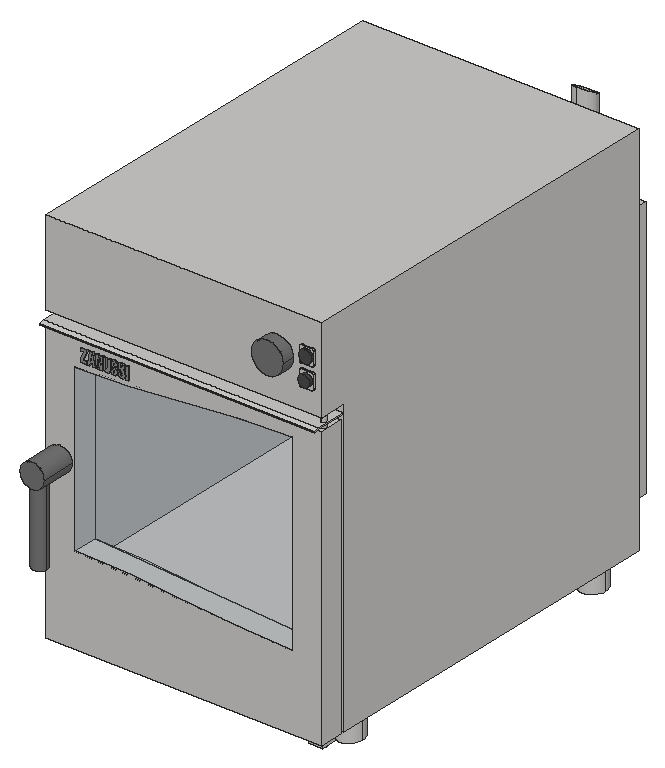
Revit family "QF_ZANUSSI_240009_ZCD061R", category Specialty Equipment, Revit 2021
Family settings
  Round Connector Dimension = Use Diameter
  Part Type = Normal
  Work Plane-Based = No
  Always vertical = Yes
  Cut with Voids When Loaded = No
  Shared = Yes
  Room Calculation Point = No
Parameters (values of type "268252_ELECTR. COMBI OVEN 10 GN1/1 B LW-400V MAR")
  Weight = 72.00 lbm
  Watts = 0 W
  Volts = 400 V
  URL Manufacturer = "http://www.zanussiprofessional.com"
  URL = "http://www.zanussiprofessional.com"
  Steam Supply Size = 0"
  Steam Supply Minimum Pressure = 0.00 psi
  Steam Supply Maximum Pressure = 0.00 psi
  Steam Pounds per Hour = 0
  Show Logo [instance] = yes
  Refrigeration Suction Line Size = 0"
  Refrigeration Liquid Line Size = 0"
  Refrigerant Compressor Remote = yes
  Phase = 3
  Model = "ZCD061R"
  Manufacturer = "Zanussi"
  Length Actual = 519.00 mm
  Item Number = "240009"
  Hot Water Size = 3/4"
  Height Actual = 770.00 mm
  HP = "9.3 HP"
  Gas Size = 0"
  Gas KW = 0
  Gas Input Pressure = 0.0 Btu/h
  Direct Waste Size = 1.5748"
  Description = "COMPACT 6GN1/1 EL. DIGITAL OVEN - W/O CLEANING - RIGHT HINGED DOOR"
  Show Clearance [instance] = yes
  Depth Actual = 803.00 mm
  Default Elevation = 0.00 mm
  Cycle = 50 Hz
  Condensate Return Size = 0"
  Compressed Air Volume = 0 GPM
  Compressed Air Size = 0"
  Compressed Air Pressure = 0.00 psi
  Cold Water Size = 3/4"
  Assembly Code = ""
  Accessory = no
Reference planes
  plane 1 "BACK": y = -93.694
  plane 2: z = 0
  plane 3 "LEFT": x = 197.931
  plane 4 "RIGHT": x = 717.531
  plane 5 "FRONT": y = -896.694
  plane 6 "TOP": z = 1670
  plane 7: z = 900
  plane 8: x = 457.731
  plane 9: y = -495.194
  plane 10: x = 247.731
  plane 11: x = 667.731
  plane 12: y = -195.694
  plane 13: y = -768.694
  plane 14: z = 997.5
Forms (mm)
  Extrusion 1, solid, material "QF_Finishes_Stainless Steel"
    sketch origin (992.981, 325.437, 900) x (-1, 0, 0) y (0, 0, -1)
      loop
        line (795.05, -609.932) -> (795.05, -56) -> (275.45, -56) -> (275.45, -609.932) -> (795.05, -609.932)
    from 474.534 to 1169.9
  Extrusion 2, solid, material "QF_Finishes_Stainless Steel"
    sketch origin (992.981, 325.437, 1000) x (-1, 0, 0) y (0, 0, -1)
      loop
        line (795.05, -670) -> (795.05, -510) -> (275.45, -510) -> (275.45, -670) -> (795.05, -670)
    from 474.534 to 1222.131
  Extrusion 3, solid, material "QF_Finishes_Stainless Steel"
    sketch origin (992.981, 385.437, 900) x (-1, 0, 0) y (0, 0, -1)
      loop
        line (763.47, -610) -> (763.47, -117) -> (307.03, -117) -> (307.03, -610) -> (763.47, -610)
    from 479.131 to 534.534
  Extrusion 4, solid, material "QF_Finishes_Stainless Steel"
    sketch origin (992.981, 285.437, 900) x (-1, 0, 0) y (0, 0, -1)
      loop
        line (795.05, -585) -> (795.05, -56) -> (275.45, -56) -> (275.45, -585) -> (795.05, -585)
      loop
        spline (740.697, -221.885) -> (706.434, -221.373) -> (672.172, -220.004) -> (637.91, -217.95) -> (603.649, -215.382) -> (569.387, -212.471) -> (535.127, -209.389) -> (500.866, -206.307) -> (466.604, -203.396) -> (432.343, -200.828) -> (398.081, -198.774) -> (363.819, -197.405) -> (329.556, -196.893)
        line (329.556, -196.893) -> (329.556, -557.832)
        spline (329.556, -557.832) -> (363.819, -557.32) -> (398.081, -555.951) -> (432.343, -553.897) -> (466.604, -551.329) -> (500.866, -548.418) -> (535.127, -545.336) -> (569.387, -542.254) -> (603.649, -539.343) -> (637.91, -536.775) -> (672.172, -534.72) -> (706.434, -533.352) -> (740.697, -532.84)
        line (740.697, -532.84) -> (740.697, -221.885)
    from 1135.685 to 1182.131
  Extrusion 5, solid, material "QF_Finishes_Stainless Steel"
    sketch origin (197.931, 0, 0) x (0, 1, 0) y (0, 0, 1)
      loop
        line (-844.463, 1493.212) -> (-844.463, 1495.222) -> (-901.849, 1495.222) -> (-911.508, 1491.664) -> (-910.849, 1489.825) -> (-901.466, 1493.212) -> (-844.463, 1493.212)
    from 0 to 519.16
  Extrusion 6, solid, material "QF_Finishes_Glass"
    sketch origin (1020.61, 285.437, 947.855) x (-1, 0, 0) y (0, 0, -1)
      loop
        spline (768.326, -174.03) -> (734.063, -173.518) -> (699.801, -172.149) -> (665.539, -170.095) -> (631.278, -167.527) -> (597.017, -164.616) -> (562.756, -161.534) -> (528.495, -158.451) -> (494.234, -155.541) -> (459.972, -152.972) -> (425.711, -150.918) -> (391.448, -149.55) -> (357.185, -149.038)
        line (357.185, -149.038) -> (357.185, -509.977)
        spline (357.185, -509.977) -> (391.448, -509.465) -> (425.711, -508.096) -> (459.972, -506.042) -> (494.234, -503.474) -> (528.495, -500.563) -> (562.756, -497.48) -> (597.017, -494.398) -> (631.278, -491.487) -> (665.539, -488.919) -> (699.801, -486.865) -> (734.063, -485.496) -> (768.326, -484.984)
        line (768.326, -484.984) -> (768.326, -174.03)
    from 1135.685 to 1182.131
  Extrusion 7, void
    sketch origin (992.981, -844.463, 900) x (1, 0, 0) y (0, 0, -1)
      loop
        line (-755.05, -176.885) -> (-755.05, -577.763) -> (-315.45, -577.763) -> (-315.45, -176.885) -> (-755.05, -176.885)
    from 0 to 630
  Extrusion 8, solid, material "QF_Finishes_Rubber Black"
    sketch origin (992.981, -896.694, 1000) x (-1, 0, 0) y (0, 0, -1)
      loop
        circle (358.271, -592.209) r 30
    from 1 to 23.539
  Extrusion 9, solid, material "QF_Finishes_Stainless Steel"
    sketch origin (992.981, -896.694, 1000) x (-1, 0, 0) y (0, 0, -1)
      loop
        arc (310.819, -621.611) -> (313.293, -620.586) -> (314.317, -618.113) r 3.498
        line (314.317, -618.113) -> (314.317, -594.14)
        arc (314.317, -594.14) -> (313.292, -591.665) -> (310.817, -590.64) r 3.5
        line (310.817, -590.64) -> (291.82, -590.64)
        arc (291.82, -590.64) -> (289.345, -591.665) -> (288.32, -594.14) r 3.5
        line (288.32, -594.14) -> (288.32, -618.111)
        arc (288.32, -618.111) -> (289.345, -620.586) -> (291.82, -621.611) r 3.5
        line (291.82, -621.611) -> (310.819, -621.611)
      loop
        arc (310.817, -581.609) -> (313.292, -580.584) -> (314.317, -578.109) r 3.5
        line (314.317, -578.109) -> (314.317, -554.138)
        arc (314.317, -554.138) -> (313.292, -551.664) -> (310.817, -550.638) r 3.5
        line (310.817, -550.638) -> (291.82, -550.638)
        arc (291.82, -550.638) -> (289.345, -551.664) -> (288.32, -554.138) r 3.5
        line (288.32, -554.138) -> (288.32, -578.109)
        arc (288.32, -578.109) -> (289.345, -580.584) -> (291.82, -581.609) r 3.5
        line (291.82, -581.609) -> (310.817, -581.609)
    from 0 to 2.938
  Extrusion 10, solid, material "QF_Finishes_Black"
    sketch origin (992.981, -899.632, 1000) x (-1, 0, 0) y (0, 0, -1)
      loop
        circle (301.32, -606.126) r 12.303
    from 0 to 2.998
  Extrusion 11, solid, material "QF_Finishes_Black"
    sketch origin (992.981, -899.632, 1000) x (-1, 0, 0) y (0, 0, -1)
      loop
        circle (301.319, -566.124) r 11.113
    from 0 to 5.997
  Extrusion 12, solid, material "QF_Finishes_Stainless Steel"
    sketch origin (992.981, -149.096, 900) x (1, 0, 0) y (0, 0, -1)
      loop
        circle (-755.05, -649) r 14.886
    from 0 to 29
  Revolve 13, solid, material "QF_Finishes_Stainless Steel"
    sketch origin (593.311, -76.243, 1219.2) x (0, 1, 0) y (0, 0, 1)
      loop
        line (-64.458, 299.515) -> (-69.467, 299.515) -> (-69.467, 296.517) -> (-65.763, 296.517) -> (-69.294, 290.8) -> (-44.475, 290.8) -> (-44.475, 299.515) -> (-61.458, 299.515) -> (-61.458, 472.713) -> (-64.458, 472.713) -> (-64.458, 299.515)
      axis (-44.475, 290.8) -> (-44.475, 472.713)
    angle from 0 to 360
  Extrusion 14, void
    sketch origin (593.311, -76.243, 1219.2) x (0, -1, 0) y (0, 0, 1)
      loop
        line (64.458, 472.713) -> (24.492, 472.713) -> (24.492, 449.608) -> (64.458, 472.713)
    from -26.679 to 26.627
  Extrusion 15, solid, material "QF_Finishes_Stainless Steel"
    sketch origin (992.981, -149.096, 900) x (1, 0, 0) y (0, 0, -1)
      loop
        line (-298.761, -696.707) -> (-298.761, -620.937) -> (-503.318, -620.937) -> (-503.318, -696.707) -> (-298.761, -696.707)
    from 0 to 12.487
  Extrusion 16, solid, material "QF_Finishes_Stainless Steel"
    sketch origin (229.511, 385.437, 1017) x (0, -1, 0) y (-1, 0, 0)
      loop
        circle (500.131, -268.42) r 15
    from 0 to 19.537
  Extrusion 17, solid, material "QF_Door-Drawer Clearances", visible <- "Show Clearance", detail levels coarse
    sketch origin (0, 0, 0) x (1, 0, 0) y (0, 1, 0)
      loop
        line (717.531, -896.694) -> (197.931, -896.694)
        arc (197.931, -896.694) -> (372.847, -1219.99) -> (717.531, -1347.694) r 521.696
        line (717.531, -1347.694) -> (717.531, -896.694)
    from 956 to 1485
  Extrusion 18, solid, material "QF_Finishes_Rubber Black"
    sketch origin (-77.519, -896.694, 900) x (1, 0, 0) y (0, 0, 1)
      loop
        circle (301.755, 366.761) r 22.998
    from 0 to 65
  Extrusion 19, solid, material "QF_Finishes_Rubber Black"
    sketch origin (915.462, 0, 0) x (-1, 0, 0) y (0, -1, 0)
      loop
        circle (691.226, 944.148) r 14
    from 1105.756 to 1264.985
  Extrusion 20, solid, material "QF_Finishes_Stainless Steel"
    sketch origin (717.311, 325.437, 956) x (0, 1, 0) y (1, 0, 0)
      loop
        line (-1113.369, -77.066) -> (-1113.369, -69.925)
        arc (-1113.369, -69.925) -> (-1122.131, -49.58) -> (-1113.369, -29.235) r 28
        line (-1113.369, -29.235) -> (-1113.369, -17.065) -> (-1172.348, -17.065) -> (-1188.327, -1.085) -> (-1218.346, -1.085) -> (-1218.346, -26.095) -> (-1167.374, -77.066) -> (-1113.369, -77.066)
      loop
        circle (-1206.361, -8.07) r 5
    from 3.018 to 7.039
  Extrusion 21, solid, material "QF_Finishes_Stainless Steel"
    sketch origin (717.311, 325.437, 952.982) x (0, 1, 0) y (-1, 0, 0)
      loop
        line (-1113.369, 17.065) -> (-1113.369, 29.235)
        arc (-1113.369, 29.235) -> (-1122.131, 49.58) -> (-1113.369, 69.925) r 28
        line (-1113.369, 69.925) -> (-1113.369, 77.066) -> (-1153.603, 77.066) -> (-1153.603, 17.065) -> (-1113.369, 17.065)
    from 0 to 3.018
  Extrusion 22, solid, material "QF_Finishes_Stainless Steel"
    sketch origin (717.311, 325.437, 948.961) x (-1, 0, 0) y (0, 1, 0)
      loop
        circle (8.07, -1206.361) r 5
    from 2.998 to -7.02
  Extrusion 23, solid, material "QF_Finishes_Stainless Steel"
    sketch origin (717.311, 325.437, 948.961) x (-1, 0, 0) y (0, 1, 0)
      loop
        circle (8.07, -1206.361) r 5
    from -536.039 to -554.057
Cuts and joins
  Extrusion 7 cuts Extrusion 1
  Extrusion 7 cuts Extrusion 2
  Extrusion 7 cuts Extrusion 3
  Extrusion 14 cuts Revolve 13
  joined: Extrusion 1, Extrusion 2, Extrusion 3, Extrusion 12, Revolve 13, Extrusion 15, Extrusion 16
  Extrusion 7 cuts Extrusion 5
  joined: Extrusion 5, Extrusion 23
  joined: Extrusion 20, Extrusion 21, Extrusion 22
Lines and regions (mm)
  Split face 1
    outline origin (197.931, -896.694, 1510) x (1, 0, 0) y (0, 0, 1)
      loop
        line (51.284, 107.422) -> (51.284, 42.422)
        spline (51.284, 42.422) -> (86.037, 41.932) -> (120.789, 40.573) -> (155.542, 38.518) -> (190.295, 35.943) -> (225.047, 33.019) -> (259.8, 29.922) -> (294.553, 26.825) -> (329.305, 23.902) -> (364.058, 21.326) -> (398.811, 19.271) -> (433.563, 17.912) -> (468.316, 17.422)
        line (468.316, 17.422) -> (468.316, 132.422)
        spline (468.316, 132.422) -> (433.563, 131.932) -> (398.811, 130.573) -> (364.058, 128.518) -> (329.305, 125.943) -> (294.553, 123.019) -> (259.8, 119.922) -> (225.047, 116.825) -> (190.295, 113.902) -> (155.542, 111.326) -> (120.789, 109.271) -> (86.037, 107.912) -> (51.284, 107.422)
  Split face 2
    outline origin (197.931, -896.694, 1510) x (1, 0, 0) y (0, 0, 1)
      loop
        circle (63.101, 95.424) r 9.198
  Split face 3
    outline origin (197.931, -896.694, 1510) x (1, 0, 0) y (0, 0, 1)
      loop
        circle (63.101, 62.436) r 9.198
  Split face 4
    outline origin (197.931, -896.694, 1510) x (1, 0, 0) y (0, 0, 1)
      loop
        circle (96.101, 62.436) r 9.198
  Split face 5
    outline origin (197.931, -896.694, 1510) x (1, 0, 0) y (0, 0, 1)
      loop
        circle (129.101, 62.436) r 9.198
  Split face 6
    outline origin (197.931, -896.694, 1510) x (1, 0, 0) y (0, 0, 1)
      loop
        circle (162.101, 62.436) r 9.198
  Split face 7
    outline origin (197.931, -896.694, 1510) x (1, 0, 0) y (0, 0, 1)
      loop
        circle (195.101, 62.436) r 9.198
  Split face 8
    outline origin (197.931, -896.694, 1510) x (1, 0, 0) y (0, 0, 1)
      loop
        circle (228.101, 62.436) r 9.198
  Split face 9
    outline origin (197.931, -896.694, 1510) x (1, 0, 0) y (0, 0, 1)
      loop
        circle (261.541, 62.436) r 9.198
  Split face 10
    outline origin (197.931, -896.694, 1510) x (1, 0, 0) y (0, 0, 1)
      loop
        circle (294.541, 62.436) r 9.198
  Split face 11
    outline origin (197.931, -896.694, 1510) x (1, 0, 0) y (0, 0, 1)
      loop
        circle (327.541, 62.436) r 9.198
  Split face 12
    outline origin (197.931, -896.694, 1510) x (1, 0, 0) y (0, 0, 1)
      loop
        circle (360.541, 62.436) r 9.198
  Split face 13
    outline origin (197.931, -896.694, 1510) x (1, 0, 0) y (0, 0, 1)
      loop
        circle (393.541, 62.436) r 9.198
  Split face 14
    outline origin (197.931, -896.694, 1510) x (1, 0, 0) y (0, 0, 1)
      loop
        line (96.224, 102.157) -> (93.931, 88.647) -> (128.923, 88.647) -> (131.216, 102.157) -> (96.224, 102.157)
  Split face 15
    outline origin (197.931, -896.694, 1510) x (1, 0, 0) y (0, 0, 1)
      loop
        line (162.187, 102.157) -> (159.859, 88.647) -> (194.887, 88.647) -> (197.179, 102.157) -> (162.187, 102.157)
  Split face 16
    outline origin (197.931, -896.694, 1510) x (1, 0, 0) y (0, 0, 1)
      loop
        line (275.03, 103.462) -> (214.005, 103.462) -> (214.005, 87.377) -> (275.03, 87.377) -> (275.03, 103.462)
  Split face 17
    outline origin (197.931, -896.694, 1510) x (1, 0, 0) y (0, 0, 1)
      loop
        line (280.444, 103.462) -> (280.444, 87.377) -> (341.469, 87.377) -> (341.469, 103.462) -> (280.444, 103.462)
  Split face 18
    outline origin (197.931, -896.694, 1510) x (1, 0, 0) y (0, 0, 1)
      loop
        circle (360.541, 95.424) r 9.198
  Split face 19
    outline origin (197.931, -896.694, 1510) x (1, 0, 0) y (0, 0, 1)
      loop
        circle (393.541, 95.424) r 9.198
  Split face 20
    outline origin (197.931, -896.694, 1510) x (1, 0, 0) y (0, 0, 1)
      loop
        line (51.284, 42.422) -> (51.284, 37.422)
        spline (51.284, 37.422) -> (86.037, 36.932) -> (120.789, 35.573) -> (155.542, 33.518) -> (190.295, 30.943) -> (225.047, 28.019) -> (259.8, 24.922) -> (294.553, 21.825) -> (329.305, 18.902) -> (364.058, 16.326) -> (398.811, 14.271) -> (433.563, 12.912) -> (468.316, 12.422)
        line (468.316, 12.422) -> (468.316, 17.422)
        spline (468.316, 17.422) -> (433.563, 17.912) -> (398.811, 19.271) -> (364.058, 21.326) -> (329.305, 23.902) -> (294.553, 26.825) -> (259.8, 29.922) -> (225.047, 33.019) -> (190.295, 35.943) -> (155.542, 38.518) -> (120.789, 40.573) -> (86.037, 41.932) -> (51.284, 42.422)
  Split face 21
    outline origin (197.931, -896.694, 1510) x (1, 0, 0) y (0, 0, 1)
      loop
        line (51.284, 37.422) -> (51.284, 7.422) -> (468.316, 7.422) -> (468.316, 12.422)
        spline (468.316, 12.422) -> (433.563, 12.912) -> (398.811, 14.271) -> (364.058, 16.326) -> (329.305, 18.902) -> (294.553, 21.825) -> (259.8, 24.922) -> (225.047, 28.019) -> (190.295, 30.943) -> (155.542, 33.518) -> (120.789, 35.573) -> (86.037, 36.932) -> (51.284, 37.422)
  Split face 22
    outline origin (992.981, -896.694, 900) x (-1, 0, 0) y (0, 0, 1)
      loop
        spline (329.556, 557.832) -> (363.819, 557.32) -> (398.081, 555.951) -> (432.343, 553.897) -> (466.604, 551.329) -> (500.866, 548.418) -> (535.127, 545.336) -> (569.387, 542.254) -> (603.649, 539.343) -> (637.91, 536.775) -> (672.172, 534.72) -> (706.434, 533.352) -> (740.697, 532.84)
        line (740.697, 532.84) -> (740.697, 577.832) -> (329.556, 577.832) -> (329.556, 557.832)
  Split face 23
    outline origin (992.981, -896.694, 900) x (-1, 0, 0) y (0, 0, 1)
      loop
        line (740.697, 201.885) -> (740.697, 221.885)
        spline (740.697, 221.885) -> (706.434, 221.373) -> (672.172, 220.004) -> (637.91, 217.95) -> (603.649, 215.382) -> (569.387, 212.471) -> (535.127, 209.389) -> (500.866, 206.307) -> (466.604, 203.396) -> (432.343, 200.828) -> (398.081, 198.774) -> (363.819, 197.405) -> (329.556, 196.893)
        line (329.556, 196.893) -> (329.556, 176.893)
        spline (329.556, 176.893) -> (363.819, 177.405) -> (398.081, 178.774) -> (432.343, 180.828) -> (466.604, 183.396) -> (500.866, 186.307) -> (535.127, 189.389) -> (569.387, 192.471) -> (603.649, 195.382) -> (637.91, 197.95) -> (672.172, 200.004) -> (706.434, 201.373) -> (740.697, 201.885)
  symbolic lines
    curve 1: line (197.931, -149.096, 0) -> (717.531, -149.096, 0)
    curve 2: line (197.931, -896.694, 0) -> (197.931, -149.096, 0)
    curve 3: line (717.531, -896.694, 0) -> (197.931, -896.694, 0)
    curve 4: line (717.531, -149.096, 0) -> (717.531, -896.694, 0)
    curve 5: line (604.71, -920.232, 0) -> (664.71, -920.232, 0)
    curve 6: line (604.71, -896.694, 0) -> (604.71, -920.232, 0)
    curve 7: line (664.71, -920.232, 0) -> (664.71, -896.694, 0)
    curve 8: line (678.664, -899.632, 0) -> (678.664, -896.694, 0)
    curve 9: line (704.661, -896.694, 0) -> (704.661, -899.632, 0)
    curve 10: line (680.549, -905.629, 0) -> (702.776, -905.629, 0)
    curve 11: line (680.549, -902.63, 0) -> (680.549, -905.629, 0)
    curve 12: line (702.776, -905.629, 0) -> (702.776, -902.63, 0)
    curve 13: line (679.358, -899.632, 0) -> (679.358, -902.63, 0)
    curve 14: line (703.965, -902.63, 0) -> (703.965, -899.632, 0)
    curve 15: line (223.045, -120.096, 0) -> (252.817, -120.096, 0)
    curve 16: line (223.045, -149.096, 0) -> (223.045, -120.096, 0)
    curve 17: line (252.817, -120.096, 0) -> (252.817, -149.096, 0)
    curve 18: line (229.511, -93.694, 0) -> (229.511, -120.096, 0)
    curve 19: line (229.511, -93.694, 0) -> (685.951, -93.694, 0)
    curve 20: line (685.951, -93.694, 0) -> (685.951, -136.609, 0)
    curve 21: line (694.22, -136.609, 0) -> (694.22, -149.096, 0)
    curve 22: line (694.22, -136.609, 0) -> (605.647, -136.609, 0)
    curve 23: line (581.195, -136.609, 0) -> (489.663, -136.609, 0)
    curve 24: line (489.663, -136.609, 0) -> (489.663, -149.096, 0)
    curve 25: line (678.664, -899.632, 0) -> (704.661, -899.632, 0)
    curve 26: line (679.358, -902.63, 0) -> (703.965, -902.63, 0)
    curve 30: line (247.235, -961.694, 0) -> (201.238, -961.694, 0)
    curve 31: line (247.235, -896.694, 0) -> (247.235, -961.694, 0)
    curve 32: line (201.238, -961.694, 0) -> (201.238, -896.694, 0)
  symbolic lines, style "QF_Door Swings", visible <- "Show Clearance", detail levels coarse
    curve 27: line (717.531, -896.694, 0) -> (717.531, -1347.694, 0)
    curve 28: arc (717.531, -1347.694, 0) -> (398.732, -1240.915, 0) -> (211.461, -961.694, 0) r 521.192
    curve 29: line (682.531, -896.694, 0) -> (682.531, -1346.7, 0)
  symbolic lines, style "QF_Door Swings"
    curve 33: arc (201.238, -917.797, 0) -> (199.477, -907.262, 0) -> (197.931, -896.694, 0) r 521.628
  model lines
    curve 34: line (249.215, -896.694, 1617.422) -> (249.215, -896.694, 1517.422)
    curve 35: line (249.215, -896.694, 1517.422) -> (666.247, -896.694, 1517.422)
    curve 36: line (666.247, -896.694, 1642.422) -> (666.247, -896.694, 1517.422)
    curve 37: line (249.215, -896.694, 1617.422) -> (666.247, -896.694, 1642.422)
  symbolic lines, style "SpecialityEquipment"
    curve 38: arc (574.022, -136.609, 0) -> (593.311, -95.726, 0) -> (612.6, -136.609, 0) r 24.992
    curve 39: circle (593.311, -120.718, 0) r 19.983 normal (0, 0, -1)
    curve 40: circle (593.311, -120.718, 0) r 16.983 normal (0, 0, -1)
Dimensions and locks
  plane 3 "LEFT" to plane 4 "RIGHT" = 519.60 mm
  plane 5 "FRONT" to plane 1 "BACK" = 803.00 mm
  plane 4 "RIGHT" to plane 3 "LEFT" = 519.60 mm
  equal spacing: plane 3 "LEFT", plane 8, plane 4 "RIGHT"
  equal spacing: plane 5 "FRONT", plane 9, plane 1 "BACK"
  locked: plane 10 to plane 3 "LEFT" at 49.8
  locked: plane 4 "RIGHT" to plane 11 at 49.8
  plane 1 "BACK" to plane 12 to plane 13 = 102.00 mm locked, 573.00 mm locked
  Extrusion 12 sketch curve to plane 3 "LEFT" = 40.00 mm
  Extrusion 12 sketch curve to plane 7 = 649.00 mm
  plane 3 "LEFT" to Extrusion 16 sketch curve = 300.00 mm
  Extrusion 16 sketch curve to plane 1 "BACK" = 21.00 mm
  aligned and locked: level to plane 2
  aligned and locked: Extrusion 1 to plane 3 "LEFT"
  aligned and locked: plane 4 "RIGHT" to Extrusion 1
  aligned and locked: plane 10 to nested 1
  aligned and locked: plane 10 to nested 4
  aligned and locked: plane 11 to nested 2
  aligned and locked: plane 11 to nested 3
  aligned and locked: plane 12 to nested 4
  aligned and locked: plane 12 to nested 3
  aligned and locked: plane 13 to nested 1
  aligned and locked: plane 13 to nested 2
  aligned and locked: plane 7 to nested 4  (x3)
  aligned and locked: plane 7 to nested 3  (x2)
  aligned and locked: plane 7 to nested 1  (x2)
  aligned and locked: plane 7 to nested 2
Automatic sketch dimensions
  Extrusion 3 sketch curve to plane 11 = 18.22 mm
  plane 10 to Extrusion 3 sketch curve = 18.22 mm
  Extrusion 3 sketch curve to plane 14 = 19.50 mm
  plane 6 "TOP" to Extrusion 3 sketch curve = 160.00 mm
  plane 5 "FRONT" to Extrusion 5 sketch curve = 14.815 mm
  Extrusion 5 sketch curve to Extrusion 5 sketch curve = 0.659 mm
  plane 5 "FRONT" to Extrusion 5 sketch curve = 5.155 mm
  Extrusion 5 sketch curve to Extrusion 5 sketch curve = 0.383 mm
  Extrusion 5 sketch curve to plane 5 "FRONT" = 52.231 mm
  Extrusion 5 sketch curve to plane 6 "TOP" = 180.175 mm
  Extrusion 5 sketch curve to Extrusion 5 sketch curve = 1.838 mm
  Extrusion 5 sketch curve to Extrusion 5 sketch curve = 3.386 mm
  Extrusion 5 sketch curve to Extrusion 5 sketch curve = 2.011 mm
  Revolve 13 sketch curve to plane 12 = 49.984 mm
  Revolve 13 sketch curve to Revolve 13 sketch curve = 0.173 mm
  Revolve 13 sketch curve to Revolve 13 sketch curve = 3.704 mm
  plane 6 "TOP" to Revolve 13 sketch curve = 21.913 mm
  plane 1 "BACK" to Revolve 13 sketch curve = 47.007 mm
  Revolve 13 sketch curve to Revolve 13 sketch curve = 3.00 mm
  Revolve 13 sketch curve to Revolve 13 sketch curve = 16.983 mm
  Revolve 13 sketch curve to plane 6 "TOP" = 151.285 mm
  Revolve 13 sketch curve to Revolve 13 sketch curve = 0.00 mm  (x3)
  Revolve 13 sketch curve to Revolve 13 sketch curve = 2.998 mm
  Revolve 13 sketch curve to Revolve 13 sketch curve = 8.715 mm
  Revolve 13 sketch curve to Revolve 13 sketch curve = 25.00 mm
  Extrusion 14 sketch curve to plane 6 "TOP" = 1.192 mm
  plane 1 "BACK" to Extrusion 14 sketch curve = 7.041 mm
  Extrusion 14 sketch curve to Extrusion 14 sketch curve = 39.966 mm
  plane 6 "TOP" to Extrusion 14 sketch curve = 21.913 mm
  Extrusion 18 sketch curve to plane 10 = 23.495 mm
  plane 14 to Extrusion 18 sketch curve = 269.261 mm
  Extrusion 19 sketch curve to plane 10 = 23.495 mm
  plane 5 "FRONT" to Extrusion 19 sketch curve = 47.454 mm
  Extrusion 1 sketch curve to plane 4 "RIGHT" = 0.00 mm
  Extrusion 1 sketch curve to plane 3 "LEFT" = 0.00 mm
  plane 14 to Extrusion 1 sketch curve = 41.50 mm
  plane 6 "TOP" to Extrusion 1 sketch curve = 160.068 mm
  Extrusion 2 sketch curve to plane 4 "RIGHT" = 0.00 mm
  Extrusion 2 sketch curve to plane 3 "LEFT" = 0.00 mm
  Extrusion 2 sketch curve to plane 6 "TOP" = 0.00 mm
  plane 6 "TOP" to Extrusion 2 sketch curve = 160.00 mm
  Extrusion 7 sketch curve to Extrusion 1 = 40.00 mm  (x2)
  Extrusion 7 sketch curve to Extrusion 1 = 120.885 mm
  Extrusion 7 sketch curve to Extrusion 1 = 32.168 mm
  Split face 2 sketch curve to cut or joined group 1 (Extrusion 1, Extrusion 2, Extrusion 3, Extrusion 7, Extrusion 12, Revolve 13, Extrusion 14, Extrusion 15, Extrusion 16) = 63.101 mm
  Split face 2 sketch curve to cut or joined group 1 = 64.576 mm
  Split face 3 sketch curve to cut or joined group 1 = 63.101 mm
  Split face 3 sketch curve to cut or joined group 1 = 62.436 mm
  Split face 4 sketch curve to cut or joined group 1 = 96.101 mm
  Split face 4 sketch curve to cut or joined group 1 = 62.436 mm
  Split face 5 sketch curve to cut or joined group 1 = 62.436 mm
  Split face 5 sketch curve to cut or joined group 1 = 129.101 mm
  Split face 6 sketch curve to cut or joined group 1 = 62.436 mm
  Split face 6 sketch curve to cut or joined group 1 = 162.101 mm
  Split face 7 sketch curve to cut or joined group 1 = 62.436 mm
  Split face 7 sketch curve to cut or joined group 1 = 195.101 mm
  Split face 8 sketch curve to cut or joined group 1 = 62.436 mm
  Split face 8 sketch curve to cut or joined group 1 = 228.101 mm
  Split face 9 sketch curve to cut or joined group 1 = 62.436 mm
  Split face 9 sketch curve to cut or joined group 1 = 258.059 mm
  Split face 10 sketch curve to cut or joined group 1 = 62.436 mm
  Split face 10 sketch curve to cut or joined group 1 = 225.059 mm
  Split face 11 sketch curve to cut or joined group 1 = 62.436 mm
  Split face 11 sketch curve to cut or joined group 1 = 192.059 mm
  Split face 12 sketch curve to cut or joined group 1 = 62.436 mm
  Split face 12 sketch curve to cut or joined group 1 = 159.059 mm
  Split face 13 sketch curve to cut or joined group 1 = 62.436 mm
  Split face 13 sketch curve to cut or joined group 1 = 126.059 mm
  Split face 14 sketch curve to cut or joined group 1 = 93.931 mm
  Split face 14 sketch curve to Split face 14 sketch curve = 2.293 mm  (x2)
  Split face 14 sketch curve to Split face 14 sketch curve = 34.992 mm
  Split face 14 sketch curve to cut or joined group 1 = 57.843 mm
  Split face 14 sketch curve to Split face 14 sketch curve = 13.51 mm
  Split face 15 sketch curve to cut or joined group 1 = 71.353 mm
  Split face 15 sketch curve to cut or joined group 1 = 159.859 mm
  Split face 15 sketch curve to Split face 15 sketch curve = 2.328 mm
  Split face 15 sketch curve to Split face 15 sketch curve = 35.028 mm
  Split face 15 sketch curve to cut or joined group 1 = 57.843 mm
  Split face 15 sketch curve to Split face 15 sketch curve = 2.293 mm
  Split face 16 sketch curve to cut or joined group 1 = 56.538 mm
  Split face 16 sketch curve to cut or joined group 1 = 214.005 mm
  Split face 16 sketch curve to Split face 16 sketch curve = 61.025 mm
  Split face 16 sketch curve to Split face 16 sketch curve = 16.085 mm
  Split face 17 sketch curve to cut or joined group 1 = 72.623 mm
  Split face 17 sketch curve to cut or joined group 1 = 239.156 mm
  Split face 17 sketch curve to Split face 17 sketch curve = 61.025 mm
  Split face 17 sketch curve to Split face 17 sketch curve = 16.085 mm
  Split face 18 sketch curve to cut or joined group 1 = 64.576 mm
  Split face 18 sketch curve to cut or joined group 1 = 159.059 mm
  Split face 19 sketch curve to cut or joined group 1 = 126.059 mm
  Split face 19 sketch curve to cut or joined group 1 = 64.576 mm
  Extrusion 2 to Extrusion 8 sketch curve = 82.821 mm
  Extrusion 2 to Extrusion 8 sketch curve = 77.791 mm
  Extrusion 2 to Extrusion 9 sketch curve = 12.87 mm  (x2)
  Extrusion 9 sketch curve to Extrusion 9 sketch curve = 3.50 mm  (x5)
  Extrusion 9 sketch curve to Extrusion 9 sketch curve = 18.997 mm  (x2)
  Extrusion 9 sketch curve to Extrusion 9 sketch curve = 0.00 mm
  Extrusion 9 sketch curve to Extrusion 9 sketch curve = 18.999 mm
  Extrusion 9 sketch curve to Extrusion 9 sketch curve = 3.498 mm
  Extrusion 2 to Extrusion 9 sketch curve = 40.638 mm
  Extrusion 9 sketch curve to Extrusion 9 sketch curve = 23.971 mm  (x2)
  Extrusion 9 sketch curve to Extrusion 9 sketch curve = 9.03 mm
  Extrusion 9 to Extrusion 10 sketch curve = 12.998 mm
  Extrusion 9 to Extrusion 10 sketch curve = 15.485 mm
  Extrusion 9 to Extrusion 11 sketch curve = 12.999 mm
  Extrusion 9 to Extrusion 11 sketch curve = 15.486 mm
  Extrusion 15 sketch curve to Extrusion 1 = 86.775 mm
  Extrusion 1 to Extrusion 15 sketch curve = 227.868 mm
  Extrusion 15 sketch curve to Extrusion 1 = 11.006 mm
  Extrusion 1 to Extrusion 15 sketch curve = 23.311 mm
  Extrusion 17 sketch curve to plane 3 "LEFT" = 0.00 mm
  Extrusion 17 sketch curve to plane 4 "RIGHT" = 0.00 mm
  plane 5 "FRONT" to Extrusion 17 sketch curve = 0.00 mm
  Extrusion 17 sketch curve to plane 4 "RIGHT" = 2.716 mm
  plane 5 "FRONT" to Extrusion 17 sketch curve = 451.00 mm
  Extrusion 20 sketch curve to plane 11 = 0.00 mm
  plane 13 to Extrusion 20 sketch curve = 0.00 mm
  plane 13 to Extrusion 20 sketch curve = 19.238 mm  (x2)
  Extrusion 20 sketch curve to Extrusion 20 sketch curve = 54.005 mm
  Extrusion 20 sketch curve to plane 4 "RIGHT" = 17.285 mm
  Extrusion 20 sketch curve to plane 5 "FRONT" = 49.783 mm
  Extrusion 20 sketch curve to plane 4 "RIGHT" = 1.305 mm
  Extrusion 20 sketch curve to Extrusion 20 sketch curve = 15.979 mm
  Extrusion 20 sketch curve to plane 5 "FRONT" = 15.77 mm
  Extrusion 20 sketch curve to plane 5 "FRONT" = 3.785 mm
  Extrusion 20 sketch curve to plane 4 "RIGHT" = 8.29 mm
  Extrusion 20 sketch curve to Extrusion 20 sketch curve = 18.025 mm
  Extrusion 20 sketch curve to Extrusion 20 sketch curve = 12.171 mm
  Extrusion 20 sketch curve to Extrusion 20 sketch curve = 7.142 mm
  Extrusion 21 sketch curve to Extrusion 20 = 0.00 mm  (x4)
  Extrusion 21 sketch curve to Extrusion 20 = 40.234 mm
  plane 10 to curve 34 = 1.484 mm
  curve 36 to plane 11 = 1.484 mm
  curve 34 to plane 6 "TOP" = 152.578 mm
  curve 37 to plane 6 "TOP" = 52.578 mm
  curve 37 to plane 6 "TOP" = 27.578 mm
  Split face 1 sketch curve to cut or joined group 1 = 51.284 mm  (x2)
  Split face 1 sketch curve to cut or joined group 1 = 52.578 mm
  Split face 1 sketch curve to cut or joined group 1 = 27.578 mm
  Split face 1 sketch curve to cut or joined group 1 = 42.422 mm
  Split face 1 sketch curve to cut or joined group 1 = 17.422 mm
  Split face 20 sketch curve to cut or joined group 1 = 51.284 mm  (x2)
  Split face 20 sketch curve to cut or joined group 1 = 37.422 mm
  Split face 20 sketch curve to Split face 20 sketch curve = 5.00 mm
  Split face 20 sketch curve to cut or joined group 1 = 12.422 mm
  Split face 20 sketch curve to cut or joined group 1 = 17.422 mm
  Split face 21 sketch curve to cut or joined group 1 = 7.422 mm
  Split face 21 sketch curve to cut or joined group 1 = 51.284 mm  (x2)
  Split face 21 sketch curve to Split face 21 sketch curve = 5.00 mm
  Split face 21 sketch curve to Split face 21 sketch curve = 30.00 mm
  Extrusion 4 to Split face 22 sketch curve = 0.00 mm  (x2)
  Split face 22 sketch curve to Extrusion 4 = 7.168 mm
  Split face 22 sketch curve to Split face 22 sketch curve = 20.00 mm
  Split face 22 sketch curve to Split face 22 sketch curve = 44.992 mm
  plane 11 to Extrusion 6 sketch curve = 4.306 mm
  Extrusion 6 sketch curve to plane 10 = 4.553 mm
  Extrusion 6 sketch curve to plane 14 = 124.385 mm
  plane 6 "TOP" to Extrusion 6 sketch curve = 237.16 mm
  plane 6 "TOP" to Extrusion 6 sketch curve = 212.168 mm
  Extrusion 6 sketch curve to plane 14 = 99.393 mm
  Extrusion 4 sketch curve to plane 4 "RIGHT" = 0.00 mm
  Extrusion 4 sketch curve to plane 3 "LEFT" = 0.00 mm
  plane 11 to Extrusion 4 sketch curve = 4.306 mm
  plane 14 to Extrusion 4 sketch curve = 41.50 mm
  Extrusion 4 sketch curve to plane 14 = 124.385 mm
  plane 6 "TOP" to Extrusion 4 sketch curve = 237.16 mm
  plane 6 "TOP" to Extrusion 4 sketch curve = 212.168 mm
  Extrusion 4 sketch curve to Extrusion 4 sketch curve = 52.16 mm
  Extrusion 4 sketch curve to plane 14 = 99.393 mm
  Extrusion 4 sketch curve to plane 10 = 4.553 mm
  Split face 23 sketch curve to Extrusion 4 = 0.00 mm  (x2)
  Split face 23 sketch curve to Extrusion 4 = 120.893 mm
  Split face 23 sketch curve to Split face 23 sketch curve = 20.00 mm  (x2)
  Split face 23 sketch curve to Extrusion 4 = 145.885 mm
  curve 28 to curve 33 = 0.00 mm  (x2)
  curve 38 to curve 39 = 0.00 mm  (x2)
  curve 38 to curve 40 = 0.00 mm  (x2)
  curve 39 to curve 40 = 0.00 mm  (x2)
  curve 33 to plane 3 "LEFT" = 0.00 mm
  plane 5 "FRONT" to curve 32 = 0.00 mm
  plane 1 "BACK" to curve 18 = 0.00 mm
  curve 1 to plane 4 "RIGHT" = 0.00 mm
  plane 3 "LEFT" to curve 32 = 3.307 mm
  curve 16 to plane 10 = 24.686 mm
  curve 18 to plane 10 = 18.22 mm
  curve 31 to plane 10 = 0.496 mm
  plane 10 to curve 17 = 5.086 mm
  plane 8 to curve 23 = 31.932 mm
  plane 1 "BACK" to curve 39 = 27.024 mm
  curve 39 to plane 11 = 74.42 mm
  plane 5 "FRONT" to curve 5 = 23.539 mm
  curve 5 to plane 11 = 63.021 mm
  curve 7 to plane 11 = 3.021 mm
  plane 5 "FRONT" to curve 8 = 2.938 mm
  plane 11 to curve 8 = 10.933 mm
  curve 8 to curve 26 = 0.695 mm
  curve 13 to curve 10 = 1.191 mm
  plane 11 to curve 19 = 18.22 mm
  curve 20 to curve 22 = 8.269 mm
  curve 12 to plane 4 "RIGHT" = 14.755 mm
  curve 12 to curve 14 = 1.189 mm
  curve 14 to curve 25 = 0.697 mm
  curve 33 to plane 4 "RIGHT" = 2.716 mm
  curve 30 to curve 32 = 65.00 mm
  curve 27 to curve 5 = 427.461 mm
  curve 10 to curve 14 = 5.997 mm
  curve 14 to curve 14 = 2.998 mm
  plane 13 to curve 28 = 57.816 mm
  curve 2 to plane 12 = 46.598 mm
  curve 24 to curve 24 = 12.487 mm
  curve 21 to curve 22 = 12.487 mm
  plane 1 "BACK" to curve 15 = 26.402 mm
  curve 38 to curve 38 = 19.289 mm
  curve 38 to curve 23 = 7.173 mm
  curve 22 to curve 38 = 6.953 mm
  plane 11 to curve 29 = 14.80 mm
  radius of Extrusion 18 sketch curve = 22.998 mm
  radius of Extrusion 19 sketch curve = 14.00 mm
  radius of Split face 2 sketch curve = 9.198 mm
  radius of Split face 3 sketch curve = 9.198 mm
  radius of Split face 4 sketch curve = 9.198 mm
  radius of Split face 5 sketch curve = 9.198 mm
  radius of Split face 6 sketch curve = 9.198 mm
  radius of Split face 7 sketch curve = 9.198 mm
  radius of Split face 8 sketch curve = 9.198 mm
  radius of Split face 9 sketch curve = 9.198 mm
  radius of Split face 10 sketch curve = 9.198 mm
  radius of Split face 11 sketch curve = 9.198 mm
  radius of Split face 12 sketch curve = 9.198 mm
  radius of Split face 13 sketch curve = 9.198 mm
  radius of Split face 18 sketch curve = 9.198 mm
  radius of Split face 19 sketch curve = 9.198 mm
  radius of Extrusion 8 sketch curve = 30.00 mm
  radius of Extrusion 10 sketch curve = 12.303 mm
  radius of Extrusion 11 sketch curve = 11.113 mm
  radius of Extrusion 12 sketch curve = 14.886 mm
  radius of Extrusion 16 sketch curve = 15.00 mm
  radius of Extrusion 20 sketch curve = 5.00 mm
  radius of Extrusion 21 sketch curve to Extrusion 20 = 0.00 mm
  radius of Extrusion 22 sketch curve to Extrusion 20 = 0.00 mm
  radius of Extrusion 23 sketch curve to Extrusion 20 = 0.00 mm
  radius of curve 40 = 16.983 mm
Nested families
  nested 1: "Foot_Ø50" at (247.731, -768.694, 900), type "Foot_Ø50"
    with H 56.00 mm
  nested 2: "Foot_Ø50" at (667.731, -768.694, 900), type "Foot_Ø50"
    with H 56.00 mm
  nested 3: "Foot_Ø50" at (667.731, -195.694, 900), type "Foot_Ø50"
    with H 56.00 mm
  nested 4: "Foot_Ø50" at (247.731, -195.694, 900), type "Foot_Ø50"
    with H 56.00 mm
  nested 5: "ZAN_Logo_S_Grey" at (309.435, -896.694, 1457.422) x (1, 0, 0) z (0, -1, 0), visible <- "Show Logo", type "ZAN_Logo_S_Grey"
Connectors
  electrical at (237.931, -120.096, 1549), driven by "Volts"
    settings: on cut or joined group 1, index 1, voltage 400 V, apparent load 0 VA, apparent load phase1 0 VA, apparent load phase2 0 VA, apparent load phase3 0 VA, power factor 1, load classification "Altro", number of poles 1, system type 30, power factor state 1, is connector primary yes, connector utility no, sub classification motor no, connector description "Electrical Connection"
  piping at (497.931, -114.694, 997.463), diameter 30
    settings: on cut or joined group 1, index 2, connector inside diameter 24", connector length 0.00 mm, flow factor 0, pipe flow 0 GPM, pressure drop 0.00 psi, fitting loss kfactor 0, connector angle 0.00°, fixture units 0, engagement length 0.00 mm, angle of deflection 0.00°, flow configuration 1, flow direction 1, fitting loss method 0, system type 20, joint type 0, gender type 0, connector reference index -1, connector utility 0, adjustable connector no, is connector primary yes, connector description "Cold Water Inlet"
Definition of nested family "Foot_Ø50"
  Parameters
    H [instance] = 50.00 mm
    Default Elevation = 0.00 mm
  Reference planes
    plane 1 "Centro (Fronte/Retro)": y = 0
    plane 2: z = 0
    plane 3 "Centro (Sinistra/Destra)": x = 0
    plane 4: z = 50
  Forms (mm)
    Revolve 1, solid
      sketch origin (255.05, 0, 608.09) x (0, 0, 1) y (-1, 0, 0)
        loop
          line (-608.09, 255.05) -> (-608.09, 230.05) -> (-558.09, 230.05) -> (-558.09, 255.05) -> (-608.09, 255.05)
        axis (-608.09, 255.05) -> (-558.09, 255.05)
      angle from 0 to 360
  Dimensions and locks
    "H": plane 4 to plane 2
    aligned and locked: level to plane 2
    aligned and locked: plane 4 to Revolve 1 sketch curve
    aligned and locked: Revolve 1 sketch curve to level
    aligned and locked: plane 3 "Centro (Sinistra/Destra)" to Revolve 1 sketch curve
  Automatic sketch dimensions
    Revolve 1 sketch curve to plane 3 "Centro (Sinistra/Destra)" = 0.00 mm
    plane 4 to Revolve 1 sketch curve = 50.00 mm
    Revolve 1 sketch curve to Revolve 1 sketch curve = 20.00 mm
    plane 3 "Centro (Sinistra/Destra)" to Revolve 1 sketch curve = 25.00 mm
Definition of nested family "ZAN_Logo_S_Grey"
  Parameters
    Default Elevation = 0.00 mm
  Reference planes
    plane 1 "Centro (Fronte/Retro)": y = 0
    plane 2: z = 0
    plane 3 "Centro (Sinistra/Destra)": x = 0
  Forms (mm)
    Extrusion 1, solid
      sketch origin (0, 0, 0) x (1, 0, 0) y (0, 1, 0)
        loop
          line (-1219.2, 1219.2) -> (-1219.2, -1219.2) -> (1219.2, -1219.2) -> (1219.2, 1219.2) -> (-1219.2, 1219.2)
      from 0 to -304.8
    Extrusion 2, solid
      sketch origin (17.793, -46.218, 0) x (-1, 0, 0) y (0, -1, 0)
        loop
          spline (-4.176, -58.079) -> (-3.496, -58.328) -> (-2.793, -58.512) -> (-2.075, -58.63) -> (-1.348, -58.682) -> (-0.619, -58.669) -> (0.106, -58.588) -> (0.818, -58.44) -> (1.512, -58.225) -> (2.18, -57.941) -> (2.817, -57.589) -> (3.414, -57.167) -> (3.966, -56.676)
          spline (3.966, -56.676) -> (4.293, -56.162) -> (4.575, -55.61) -> (4.81, -55.026) -> (5, -54.419) -> (5.146, -53.797) -> (5.247, -53.166) -> (5.304, -52.536) -> (5.318, -51.913) -> (5.288, -51.306) -> (5.217, -50.723) -> (5.103, -50.17) -> (4.949, -49.657)
          line (4.949, -49.657) -> (2.702, -46.428) -> (0.316, -44.323)
          spline (0.316, -44.323) -> (0.065, -44.115) -> (-0.195, -43.909) -> (-0.46, -43.704) -> (-0.729, -43.496) -> (-0.997, -43.282) -> (-1.263, -43.059) -> (-1.523, -42.825) -> (-1.774, -42.576) -> (-2.013, -42.309) -> (-2.238, -42.022) -> (-2.445, -41.712) -> (-2.632, -41.375)
          spline (-2.632, -41.375) -> (-2.666, -41.159) -> (-2.697, -40.934) -> (-2.722, -40.701) -> (-2.736, -40.465) -> (-2.736, -40.227) -> (-2.72, -39.989) -> (-2.682, -39.754) -> (-2.621, -39.524) -> (-2.533, -39.302) -> (-2.414, -39.091) -> (-2.261, -38.892) -> (-2.07, -38.708)
          line (-2.07, -38.708) -> (-0.245, -38.567)
          spline (-0.245, -38.567) -> (0.096, -38.8) -> (0.354, -39.074) -> (0.54, -39.381) -> (0.664, -39.716) -> (0.738, -40.073) -> (0.772, -40.445) -> (0.777, -40.825) -> (0.763, -41.208) -> (0.742, -41.588) -> (0.723, -41.957) -> (0.718, -42.309) -> (0.737, -42.638)
          line (0.737, -42.638) -> (5.65, -42.638)
          spline (5.65, -42.638) -> (5.708, -42.042) -> (5.741, -41.448) -> (5.747, -40.857) -> (5.723, -40.273) -> (5.668, -39.696) -> (5.58, -39.129) -> (5.457, -38.574) -> (5.297, -38.032) -> (5.098, -37.506) -> (4.857, -36.997) -> (4.574, -36.508) -> (4.247, -36.041)
          spline (4.247, -36.041) -> (3.844, -35.675) -> (3.409, -35.35) -> (2.946, -35.065) -> (2.458, -34.819) -> (1.949, -34.612) -> (1.421, -34.444) -> (0.88, -34.314) -> (0.326, -34.221) -> (-0.234, -34.165) -> (-0.8, -34.146) -> (-1.366, -34.163) -> (-1.93, -34.216)
          spline (-1.93, -34.216) -> (-2.526, -34.309) -> (-3.116, -34.448) -> (-3.695, -34.633) -> (-4.259, -34.861) -> (-4.801, -35.131) -> (-5.316, -35.444) -> (-5.799, -35.798) -> (-6.245, -36.191) -> (-6.648, -36.624) -> (-7.002, -37.095) -> (-7.303, -37.603) -> (-7.545, -38.146)
          spline (-7.545, -38.146) -> (-7.694, -38.815) -> (-7.792, -39.487) -> (-7.839, -40.158) -> (-7.836, -40.824) -> (-7.785, -41.482) -> (-7.685, -42.129) -> (-7.539, -42.762) -> (-7.347, -43.377) -> (-7.111, -43.97) -> (-6.83, -44.538) -> (-6.506, -45.078) -> (-6.141, -45.586)
          line (-6.141, -45.586) -> (-0.526, -50.64) -> (0.176, -51.482)
          spline (0.176, -51.482) -> (0.248, -51.66) -> (0.323, -51.843) -> (0.397, -52.03) -> (0.467, -52.22) -> (0.529, -52.412) -> (0.579, -52.605) -> (0.615, -52.798) -> (0.633, -52.989) -> (0.63, -53.179) -> (0.601, -53.366) -> (0.545, -53.55) -> (0.456, -53.728)
          spline (0.456, -53.728) -> (0.375, -53.892) -> (0.273, -54.034) -> (0.154, -54.155) -> (0.02, -54.258) -> (-0.126, -54.343) -> (-0.28, -54.412) -> (-0.441, -54.466) -> (-0.604, -54.508) -> (-0.767, -54.537) -> (-0.928, -54.556) -> (-1.082, -54.567) -> (-1.228, -54.57)
          line (-1.228, -54.57) -> (-2.632, -53.587) -> (-2.772, -50.64) -> (-7.405, -50.64)
          spline (-7.405, -50.64) -> (-7.41, -51.031) -> (-7.423, -51.432) -> (-7.44, -51.839) -> (-7.456, -52.251) -> (-7.469, -52.665) -> (-7.475, -53.079) -> (-7.468, -53.489) -> (-7.446, -53.894) -> (-7.404, -54.291) -> (-7.339, -54.679) -> (-7.247, -55.053) -> (-7.123, -55.412)
          spline (-7.123, -55.412) -> (-6.999, -55.693) -> (-6.837, -55.97) -> (-6.643, -56.244) -> (-6.422, -56.509) -> (-6.177, -56.765) -> (-5.913, -57.009) -> (-5.634, -57.238) -> (-5.346, -57.45) -> (-5.051, -57.643) -> (-4.755, -57.814) -> (-4.462, -57.96) -> (-4.176, -58.079)
        loop
          spline (-21.021, -55.552) -> (-20.633, -56.181) -> (-20.177, -56.736) -> (-19.661, -57.217) -> (-19.092, -57.627) -> (-18.478, -57.966) -> (-17.827, -58.237) -> (-17.147, -58.441) -> (-16.446, -58.578) -> (-15.73, -58.652) -> (-15.009, -58.662) -> (-14.29, -58.611) -> (-13.581, -58.5)
          spline (-13.581, -58.5) -> (-13.088, -58.407) -> (-12.595, -58.269) -> (-12.109, -58.088) -> (-11.636, -57.866) -> (-11.183, -57.605) -> (-10.756, -57.307) -> (-10.361, -56.974) -> (-10.004, -56.608) -> (-9.692, -56.211) -> (-9.431, -55.784) -> (-9.228, -55.33) -> (-9.089, -54.851)
          spline (-9.089, -54.851) -> (-8.873, -54.211) -> (-8.715, -53.559) -> (-8.615, -52.901) -> (-8.574, -52.241) -> (-8.592, -51.585) -> (-8.668, -50.938) -> (-8.802, -50.306) -> (-8.995, -49.693) -> (-9.247, -49.106) -> (-9.557, -48.55) -> (-9.925, -48.03) -> (-10.352, -47.551)
          line (-10.352, -47.551) -> (-15.546, -42.919) -> (-16.669, -41.234)
          spline (-16.669, -41.234) -> (-16.704, -41.021) -> (-16.735, -40.804) -> (-16.761, -40.583) -> (-16.778, -40.361) -> (-16.784, -40.139) -> (-16.774, -39.919) -> (-16.748, -39.701) -> (-16.7, -39.488) -> (-16.63, -39.28) -> (-16.533, -39.08) -> (-16.406, -38.889) -> (-16.248, -38.708)
          line (-16.248, -38.708) -> (-14.844, -38.427)
          spline (-14.844, -38.427) -> (-14.347, -38.545) -> (-13.969, -38.749) -> (-13.695, -39.028) -> (-13.508, -39.368) -> (-13.393, -39.757) -> (-13.335, -40.182) -> (-13.318, -40.63) -> (-13.326, -41.089) -> (-13.344, -41.546) -> (-13.356, -41.988) -> (-13.347, -42.403) -> (-13.3, -42.779)
          line (-13.3, -42.779) -> (-8.387, -42.638)
          spline (-8.387, -42.638) -> (-8.326, -42.034) -> (-8.288, -41.417) -> (-8.277, -40.794) -> (-8.299, -40.169) -> (-8.357, -39.548) -> (-8.457, -38.936) -> (-8.604, -38.339) -> (-8.803, -37.762) -> (-9.058, -37.21) -> (-9.375, -36.689) -> (-9.758, -36.204) -> (-10.212, -35.76)
          spline (-10.212, -35.76) -> (-10.793, -35.336) -> (-11.409, -34.976) -> (-12.054, -34.679) -> (-12.723, -34.445) -> (-13.409, -34.273) -> (-14.107, -34.163) -> (-14.811, -34.115) -> (-15.515, -34.127) -> (-16.213, -34.2) -> (-16.899, -34.333) -> (-17.568, -34.526) -> (-18.213, -34.777)
          spline (-18.213, -34.777) -> (-18.496, -34.897) -> (-18.783, -35.044) -> (-19.071, -35.216) -> (-19.357, -35.412) -> (-19.639, -35.629) -> (-19.915, -35.865) -> (-20.182, -36.119) -> (-20.438, -36.389) -> (-20.681, -36.672) -> (-20.907, -36.967) -> (-21.115, -37.272) -> (-21.301, -37.585)
          spline (-21.301, -37.585) -> (-21.55, -38.26) -> (-21.734, -38.948) -> (-21.854, -39.647) -> (-21.91, -40.351) -> (-21.901, -41.057) -> (-21.828, -41.761) -> (-21.69, -42.459) -> (-21.489, -43.148) -> (-21.222, -43.823) -> (-20.892, -44.48) -> (-20.497, -45.116) -> (-20.038, -45.726)
          line (-20.038, -45.726) -> (-14.142, -51.061) -> (-13.44, -52.886) -> (-14.002, -54.289) -> (-15.265, -54.57) -> (-16.669, -53.587) -> (-16.81, -50.78) -> (-21.582, -50.64)
          spline (-21.582, -50.64) -> (-21.558, -51.063) -> (-21.55, -51.491) -> (-21.554, -51.92) -> (-21.561, -52.35) -> (-21.567, -52.778) -> (-21.565, -53.201) -> (-21.547, -53.619) -> (-21.509, -54.029) -> (-21.444, -54.43) -> (-21.345, -54.818) -> (-21.206, -55.193) -> (-21.021, -55.552)
        loop
          line (-22.424, -34.216) -> (-27.337, -34.216) -> (-27.337, -58.22) -> (-22.424, -58.22) -> (-22.424, -34.216)
        loop
          line (14.213, -39.971) -> (14.213, -58.22) -> (19.126, -58.22) -> (19.126, -42.077) -> (18.845, -38.146) -> (18.424, -37.164) -> (17.442, -35.9) -> (16.459, -35.199) -> (14.494, -34.356) -> (13.511, -34.216) -> (11.265, -34.216) -> (10.142, -34.497) -> (8.458, -35.479) -> (6.493, -38.287) -> (6.352, -39.269) -> (6.352, -58.22) -> (11.265, -58.22) -> (11.265, -40.392) -> (11.827, -39.129) -> (13.371, -38.988) -> (14.213, -39.971)
        loop
          line (20.249, -58.22) -> (24.741, -58.22) -> (24.741, -42.919) -> (28.812, -58.22) -> (34.006, -58.22) -> (34.006, -34.216) -> (29.654, -34.216) -> (29.654, -50.078) -> (25.583, -34.216) -> (20.249, -34.216) -> (20.249, -58.22)
        loop
          line (50.149, -58.22) -> (62.361, -58.22) -> (62.361, -53.728) -> (55.904, -53.868) -> (62.923, -39.129) -> (62.923, -34.216) -> (50.149, -34.216) -> (50.149, -39.129) -> (57.517, -39.129) -> (50.149, -54.149) -> (50.149, -58.22)
        loop
          line (38.778, -58.22) -> (45.516, -58.22) -> (49.868, -34.216) -> (44.814, -34.216) -> (44.113, -38.848) -> (40.042, -38.848) -> (39.34, -34.216) -> (34.286, -34.216) -> (38.778, -58.22)
        loop
          line (43.551, -43.2) -> (40.744, -43.2) -> (42.147, -54.117) -> (43.551, -43.2)
      from 0 to 1.644
  Dimensions and locks
    aligned and locked: plane 2 to Extrusion 1
    aligned and locked: level to Extrusion 1
